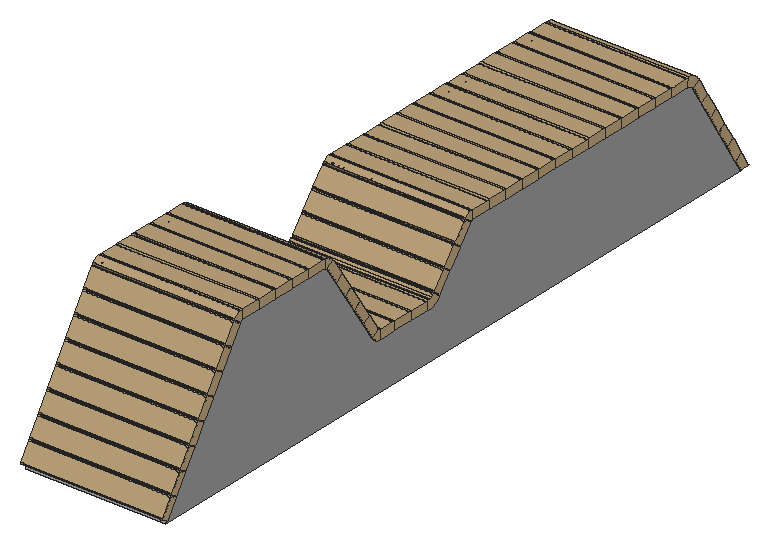
Revit family "L-FUR_벤치_YB-278_예건", category 일반 모델, Revit 2019
Family settings
  보강 철근 호스트 가능 = 아니오
  원형 커넥터 치수 = 지름 사용
  부품 유형 = 보통
  작업 기준면 기반 = 아니오
  항상 수직 = 예
  로드될 때 보이드를 사용하여 절단 = 아니오
  공유 = 아니오
  룸 계산 점 = 아니오
Reference planes
  plane 1 "중심(앞/뒤)": y = 0
  plane 2: z = 0
  plane 3 "중심(왼쪽/오른쪽)": x = 0
Dimensions and locks
  aligned and locked: level to plane 2
Nested families
  nested 1: "278.2" at (-240, -40, 0), type "278.2"
Definition of nested family "278.2"
  Reference planes
    plane 1 "중심(앞/뒤)": y = 0
    plane 2: z = 0
    plane 3 "중심(왼쪽/오른쪽)": x = 0
  Forms (mm)
    Extrusion 1, solid
      sketch origin (0, 0, 0) x (0, 1, 0) y (0, 0, 1)
        loop
          line (1223.883, 170) -> (1003.116, 170)
          arc (1003.116, 170) -> (984.037, 174.843) -> (969.579, 188.2) r 40
          line (969.579, 188.2) -> (772.824, 490.9)
          arc (772.824, 490.9) -> (765.595, 497.578) -> (756.055, 500) r 20
          line (756.055, 500) -> (400.324, 500)
          arc (400.324, 500) -> (390.784, 497.578) -> (383.555, 490.9) r 20
          line (383.555, 490.9) -> (64.47, 0) -> (2593.704, 0) -> (2377.53, 360.29)
          arc (2377.53, 360.29) -> (2370.234, 367.404) -> (2360.38, 370) r 20
          line (2360.38, 370) -> (1412.721, 370)
          arc (1412.721, 370) -> (1404.057, 368.026) -> (1397.104, 362.494) r 20
          line (1397.104, 362.494) -> (1255.118, 185.012)
          arc (1255.118, 185.012) -> (1241.211, 173.948) -> (1223.883, 170) r 40
      from 5 to 495
    Extrusion 2, solid
      sketch origin (0, 0, 0) x (0, 1, 0) y (0, 0, 1)
        loop
          arc (105.475, 63.085) -> (105.895, 65.342) -> (104.595, 67.235) r 3
          line (104.595, 67.235) -> (84.472, 80.315)
          arc (84.472, 80.315) -> (82.215, 80.734) -> (80.322, 79.434) r 3
          line (80.322, 79.434) -> (45.443, 25.774)
          arc (45.443, 25.774) -> (45.023, 23.517) -> (46.323, 21.624) r 3
          line (46.323, 21.624) -> (66.446, 8.544)
          arc (66.446, 8.544) -> (68.703, 8.125) -> (70.596, 9.424) r 3
          line (70.596, 9.424) -> (105.475, 63.085)
        loop
          arc (145.259, 124.291) -> (145.679, 126.549) -> (144.379, 128.441) r 3
          line (144.379, 128.441) -> (124.256, 141.521)
          arc (124.256, 141.521) -> (121.999, 141.941) -> (120.106, 140.641) r 3
          line (120.106, 140.641) -> (85.227, 86.98)
          arc (85.227, 86.98) -> (84.808, 84.723) -> (86.107, 82.83) r 3
          line (86.107, 82.83) -> (106.23, 69.75)
          arc (106.23, 69.75) -> (108.487, 69.331) -> (110.38, 70.631) r 3
          line (110.38, 70.631) -> (145.259, 124.291)
        loop
          arc (185.044, 185.498) -> (185.463, 187.755) -> (184.163, 189.648) r 3
          line (184.163, 189.648) -> (164.041, 202.728)
          arc (164.041, 202.728) -> (161.783, 203.147) -> (159.89, 201.847) r 3
          line (159.89, 201.847) -> (125.011, 148.187)
          arc (125.011, 148.187) -> (124.592, 145.929) -> (125.891, 144.036) r 3
          line (125.891, 144.036) -> (146.014, 130.957)
          arc (146.014, 130.957) -> (148.272, 130.537) -> (150.164, 131.837) r 3
          line (150.164, 131.837) -> (185.044, 185.498)
        loop
          arc (224.828, 246.704) -> (225.247, 248.961) -> (223.947, 250.854) r 3
          line (223.947, 250.854) -> (203.825, 263.934)
          arc (203.825, 263.934) -> (201.567, 264.353) -> (199.674, 263.054) r 3
          line (199.674, 263.054) -> (164.795, 209.393)
          arc (164.795, 209.393) -> (164.376, 207.136) -> (165.676, 205.243) r 3
          line (165.676, 205.243) -> (185.798, 192.163)
          arc (185.798, 192.163) -> (188.056, 191.744) -> (189.948, 193.044) r 3
          line (189.948, 193.044) -> (224.828, 246.704)
        loop
          arc (264.612, 307.91) -> (265.031, 310.168) -> (263.732, 312.061) r 3
          line (263.732, 312.061) -> (243.609, 325.14)
          arc (243.609, 325.14) -> (241.351, 325.56) -> (239.459, 324.26) r 3
          line (239.459, 324.26) -> (204.579, 270.6)
          arc (204.579, 270.6) -> (204.16, 268.342) -> (205.46, 266.449) r 3
          line (205.46, 266.449) -> (225.582, 253.37)
          arc (225.582, 253.37) -> (227.84, 252.95) -> (229.733, 254.25) r 3
          line (229.733, 254.25) -> (264.612, 307.91)
        loop
          arc (304.396, 369.117) -> (304.815, 371.374) -> (303.516, 373.267) r 3
          line (303.516, 373.267) -> (283.393, 386.347)
          arc (283.393, 386.347) -> (281.136, 386.766) -> (279.243, 385.466) r 3
          line (279.243, 385.466) -> (244.363, 331.806)
          arc (244.363, 331.806) -> (243.944, 329.548) -> (245.244, 327.656) r 3
          line (245.244, 327.656) -> (265.367, 314.576)
          arc (265.367, 314.576) -> (267.624, 314.157) -> (269.517, 315.456) r 3
          line (269.517, 315.456) -> (304.396, 369.117)
        loop
          arc (344.18, 430.323) -> (344.6, 432.581) -> (343.3, 434.473) r 3
          line (343.3, 434.473) -> (323.177, 447.553)
          arc (323.177, 447.553) -> (320.92, 447.972) -> (319.027, 446.673) r 3
          line (319.027, 446.673) -> (284.148, 393.012)
          arc (284.148, 393.012) -> (283.728, 390.755) -> (285.028, 388.862) r 3
          line (285.028, 388.862) -> (305.151, 375.782)
          arc (305.151, 375.782) -> (307.408, 375.363) -> (309.301, 376.663) r 3
          line (309.301, 376.663) -> (344.18, 430.323)
        loop
          line (349.085, 437.869) -> (383.964, 491.529)
          arc (383.964, 491.529) -> (384.384, 493.787) -> (383.084, 495.68) r 3
          line (383.084, 495.68) -> (362.961, 508.759)
          arc (362.961, 508.759) -> (360.704, 509.179) -> (358.811, 507.879) r 3
          line (358.811, 507.879) -> (323.932, 454.219)
          arc (323.932, 454.219) -> (323.512, 451.961) -> (324.812, 450.068) r 3
          line (324.812, 450.068) -> (344.935, 436.989)
          arc (344.935, 436.989) -> (347.192, 436.569) -> (349.085, 437.869) r 3
        loop
          arc (392.027, 498.204) -> (393.435, 499.305) -> (393.968, 501.011) r 3
          line (393.968, 501.011) -> (393.968, 526.059)
          arc (393.968, 526.059) -> (392.866, 528.382) -> (390.37, 528.999) r 3
          arc (390.37, 528.999) -> (376.668, 524.05) -> (364.974, 515.361) r 50
          arc (364.974, 515.361) -> (364.112, 512.927) -> (365.46, 510.724) r 3
          line (365.46, 510.724) -> (386.546, 497.018)
          arc (386.546, 497.018) -> (388.151, 496.534) -> (389.765, 496.986) r 3
          arc (389.765, 496.986) -> (390.877, 497.63) -> (392.027, 498.204) r 20.725
        loop
          arc (463.968, 500) -> (466.089, 500.879) -> (466.968, 503) r 3
          line (466.968, 503) -> (466.968, 527)
          arc (466.968, 527) -> (466.089, 529.121) -> (463.968, 530) r 3
          line (463.968, 530) -> (399.968, 530)
          arc (399.968, 530) -> (397.846, 529.121) -> (396.968, 527) r 3
          line (396.968, 527) -> (396.968, 503)
          arc (396.968, 503) -> (397.846, 500.879) -> (399.968, 500) r 3
          line (399.968, 500) -> (463.968, 500)
        loop
          line (473.079, 500) -> (537.079, 500)
          arc (537.079, 500) -> (539.2, 500.879) -> (540.079, 503) r 3
          line (540.079, 503) -> (540.079, 527)
          arc (540.079, 527) -> (539.2, 529.121) -> (537.079, 530) r 3
          line (537.079, 530) -> (473.079, 530)
          arc (473.079, 530) -> (470.957, 529.121) -> (470.079, 527) r 3
          line (470.079, 527) -> (470.079, 503)
          arc (470.079, 503) -> (470.957, 500.879) -> (473.079, 500) r 3
        loop
          line (546.19, 500) -> (610.19, 500)
          arc (610.19, 500) -> (612.311, 500.879) -> (613.19, 503) r 3
          line (613.19, 503) -> (613.19, 527)
          arc (613.19, 527) -> (612.311, 529.121) -> (610.19, 530) r 3
          line (610.19, 530) -> (546.19, 530)
          arc (546.19, 530) -> (544.068, 529.121) -> (543.19, 527) r 3
          line (543.19, 527) -> (543.19, 503)
          arc (543.19, 503) -> (544.068, 500.879) -> (546.19, 500) r 3
        loop
          arc (683.301, 500) -> (685.422, 500.879) -> (686.301, 503) r 3
          line (686.301, 503) -> (686.301, 527)
          arc (686.301, 527) -> (685.422, 529.121) -> (683.301, 530) r 3
          line (683.301, 530) -> (619.301, 530)
          arc (619.301, 530) -> (617.179, 529.121) -> (616.301, 527) r 3
          line (616.301, 527) -> (616.301, 503)
          arc (616.301, 503) -> (617.179, 500.879) -> (619.301, 500) r 3
          line (619.301, 500) -> (683.301, 500)
        loop
          line (692.412, 500) -> (756.412, 500)
          arc (756.412, 500) -> (758.533, 500.879) -> (759.412, 503) r 3
          line (759.412, 503) -> (759.412, 527)
          arc (759.412, 527) -> (758.533, 529.121) -> (756.412, 530) r 3
          line (756.412, 530) -> (692.412, 530)
          arc (692.412, 530) -> (690.29, 529.121) -> (689.412, 527) r 3
          line (689.412, 527) -> (689.412, 503)
          arc (689.412, 503) -> (690.29, 500.879) -> (692.412, 500) r 3
        loop
          arc (764.191, 498.27) -> (765.357, 497.703) -> (766.487, 497.069) r 22.223
          arc (766.487, 497.069) -> (768.152, 496.534) -> (769.833, 497.018) r 3
          line (769.833, 497.018) -> (790.919, 510.724)
          arc (790.919, 510.724) -> (792.268, 512.927) -> (791.405, 515.361) r 3
          arc (791.405, 515.361) -> (779.711, 524.05) -> (766.009, 528.999) r 50
          arc (766.009, 528.999) -> (763.513, 528.382) -> (762.412, 526.059) r 3
          line (762.412, 526.059) -> (762.412, 501.011)
          arc (762.412, 501.011) -> (762.896, 499.377) -> (764.191, 498.27) r 3
        loop
          arc (807.294, 437.869) -> (809.187, 436.569) -> (811.444, 436.989) r 3
          line (811.444, 436.989) -> (831.567, 450.068)
          arc (831.567, 450.068) -> (832.867, 451.961) -> (832.447, 454.219) r 3
          line (832.447, 454.219) -> (797.568, 507.879)
          arc (797.568, 507.879) -> (795.675, 509.179) -> (793.418, 508.759) r 3
          line (793.418, 508.759) -> (773.295, 495.68)
          arc (773.295, 495.68) -> (771.996, 493.787) -> (772.415, 491.529) r 3
          line (772.415, 491.529) -> (807.294, 437.869)
        loop
          line (812.199, 430.323) -> (847.078, 376.663)
          arc (847.078, 376.663) -> (848.971, 375.363) -> (851.229, 375.782) r 3
          line (851.229, 375.782) -> (871.351, 388.862)
          arc (871.351, 388.862) -> (872.651, 390.755) -> (872.232, 393.012) r 3
          line (872.232, 393.012) -> (837.352, 446.673)
          arc (837.352, 446.673) -> (835.46, 447.972) -> (833.202, 447.553) r 3
          line (833.202, 447.553) -> (813.079, 434.473)
          arc (813.079, 434.473) -> (811.78, 432.581) -> (812.199, 430.323) r 3
        loop
          line (851.983, 369.117) -> (886.862, 315.456)
          arc (886.862, 315.456) -> (888.755, 314.157) -> (891.013, 314.576) r 3
          line (891.013, 314.576) -> (911.135, 327.656)
          arc (911.135, 327.656) -> (912.435, 329.548) -> (912.016, 331.806) r 3
          line (912.016, 331.806) -> (877.137, 385.466)
          arc (877.137, 385.466) -> (875.244, 386.766) -> (872.986, 386.347) r 3
          line (872.986, 386.347) -> (852.864, 373.267)
          arc (852.864, 373.267) -> (851.564, 371.374) -> (851.983, 369.117) r 3
        loop
          line (891.767, 307.91) -> (926.647, 254.25)
          arc (926.647, 254.25) -> (928.539, 252.95) -> (930.797, 253.37) r 3
          line (930.797, 253.37) -> (950.92, 266.449)
          arc (950.92, 266.449) -> (952.219, 268.342) -> (951.8, 270.6) r 3
          line (951.8, 270.6) -> (916.921, 324.26)
          arc (916.921, 324.26) -> (915.028, 325.56) -> (912.77, 325.14) r 3
          line (912.77, 325.14) -> (892.648, 312.061)
          arc (892.648, 312.061) -> (891.348, 310.168) -> (891.767, 307.91) r 3
        loop
          line (931.552, 246.704) -> (966.431, 193.044)
          arc (966.431, 193.044) -> (968.324, 191.744) -> (970.581, 192.163) r 3
          line (970.581, 192.163) -> (990.704, 205.243)
          arc (990.704, 205.243) -> (992.003, 207.136) -> (991.584, 209.393) r 3
          line (991.584, 209.393) -> (956.705, 263.054)
          arc (956.705, 263.054) -> (954.812, 264.353) -> (952.555, 263.934) r 3
          line (952.555, 263.934) -> (932.432, 250.854)
          arc (932.432, 250.854) -> (931.132, 248.961) -> (931.552, 246.704) r 3
        loop
          arc (971.606, 185.361) -> (984.037, 174.843) -> (999.631, 170.152) r 40
          arc (999.631, 170.152) -> (1001.92, 170.929) -> (1002.893, 173.141) r 3
          line (1002.893, 173.141) -> (1002.893, 197.406)
          arc (1002.893, 197.406) -> (1002.263, 199.246) -> (1000.637, 200.312) r 3
          arc (1000.637, 200.312) -> (998.347, 201.211) -> (996.345, 202.641) r 10
          arc (996.345, 202.641) -> (994.565, 203.423) -> (992.679, 202.949) r 3
          line (992.679, 202.949) -> (972.334, 189.724)
          arc (972.334, 189.724) -> (971.01, 187.703) -> (971.606, 185.361) r 3
        loop
          line (1008.893, 170) -> (1060.425, 170)
          arc (1060.425, 170) -> (1062.547, 170.879) -> (1063.425, 173) r 3
          line (1063.425, 173) -> (1063.425, 197)
          arc (1063.425, 197) -> (1062.547, 199.121) -> (1060.425, 200) r 3
          line (1060.425, 200) -> (1008.893, 200)
          arc (1008.893, 200) -> (1006.771, 199.121) -> (1005.893, 197) r 3
          line (1005.893, 197) -> (1005.893, 173)
          arc (1005.893, 173) -> (1006.771, 170.879) -> (1008.893, 170) r 3
        loop
          line (1069.425, 170) -> (1133.425, 170)
          arc (1133.425, 170) -> (1135.547, 170.879) -> (1136.425, 173) r 3
          line (1136.425, 173) -> (1136.425, 197)
          arc (1136.425, 197) -> (1135.547, 199.121) -> (1133.425, 200) r 3
          line (1133.425, 200) -> (1069.425, 200)
          arc (1069.425, 200) -> (1067.304, 199.121) -> (1066.425, 197) r 3
          line (1066.425, 197) -> (1066.425, 173)
          arc (1066.425, 173) -> (1067.304, 170.879) -> (1069.425, 170) r 3
        loop
          line (1142.425, 170) -> (1206.425, 170)
          arc (1206.425, 170) -> (1208.547, 170.879) -> (1209.425, 173) r 3
          line (1209.425, 173) -> (1209.425, 197)
          arc (1209.425, 197) -> (1208.547, 199.121) -> (1206.425, 200) r 3
          line (1206.425, 200) -> (1142.425, 200)
          arc (1142.425, 200) -> (1140.304, 199.121) -> (1139.425, 197) r 3
          line (1139.425, 197) -> (1139.425, 173)
          arc (1139.425, 173) -> (1140.304, 170.879) -> (1142.425, 170) r 3
        loop
          arc (1260.402, 191.617) -> (1261.041, 193.822) -> (1259.933, 195.833) r 3
          line (1259.933, 195.833) -> (1241.192, 210.826)
          arc (1241.192, 210.826) -> (1238.987, 211.465) -> (1236.976, 210.358) r 3
          line (1236.976, 210.358) -> (1231.692, 203.753)
          arc (1231.692, 203.753) -> (1228.215, 200.987) -> (1223.883, 200) r 10
          line (1223.883, 200) -> (1215.425, 200)
          arc (1215.425, 200) -> (1213.304, 199.121) -> (1212.425, 197) r 3
          line (1212.425, 197) -> (1212.425, 173)
          arc (1212.425, 173) -> (1213.304, 170.879) -> (1215.425, 170) r 3
          line (1215.425, 170) -> (1223.883, 170)
          arc (1223.883, 170) -> (1241.211, 173.948) -> (1255.118, 185.012) r 40
          line (1255.118, 185.012) -> (1260.402, 191.617)
        loop
          arc (1306.004, 248.62) -> (1306.644, 250.826) -> (1305.536, 252.837) r 3
          line (1305.536, 252.837) -> (1286.795, 267.83)
          arc (1286.795, 267.83) -> (1284.59, 268.469) -> (1282.578, 267.361) r 3
          line (1282.578, 267.361) -> (1242.598, 217.385)
          arc (1242.598, 217.385) -> (1241.959, 215.18) -> (1243.066, 213.169) r 3
          line (1243.066, 213.169) -> (1261.807, 198.176)
          arc (1261.807, 198.176) -> (1264.013, 197.537) -> (1266.024, 198.645) r 3
          line (1266.024, 198.645) -> (1306.004, 248.62)
        loop
          arc (1351.607, 305.624) -> (1352.246, 307.829) -> (1351.139, 309.84) r 3
          line (1351.139, 309.84) -> (1332.398, 324.833)
          arc (1332.398, 324.833) -> (1330.192, 325.472) -> (1328.181, 324.364) r 3
          line (1328.181, 324.364) -> (1288.201, 274.389)
          arc (1288.201, 274.389) -> (1287.562, 272.183) -> (1288.669, 270.172) r 3
          line (1288.669, 270.172) -> (1307.41, 255.179)
          arc (1307.41, 255.179) -> (1309.615, 254.54) -> (1311.627, 255.648) r 3
          line (1311.627, 255.648) -> (1351.607, 305.624)
        loop
          arc (1403.38, 367.685) -> (1404.057, 368.026) -> (1404.747, 368.342) r 20
          arc (1404.747, 368.342) -> (1406.059, 369.448) -> (1406.55, 371.093) r 3
          line (1406.55, 371.093) -> (1406.55, 396.097)
          arc (1406.55, 396.097) -> (1405.454, 398.416) -> (1402.965, 399.039) r 3
          arc (1402.965, 399.039) -> (1391.061, 395.065) -> (1380.522, 388.252) r 50
          arc (1380.522, 388.252) -> (1379.454, 385.92) -> (1380.58, 383.615) r 3
          line (1380.58, 383.615) -> (1400.105, 367.995)
          arc (1400.105, 367.995) -> (1401.696, 367.351) -> (1403.38, 367.685) r 3
        loop
          arc (1412.55, 400) -> (1410.429, 399.121) -> (1409.55, 397) r 3
          line (1409.55, 397) -> (1409.55, 373)
          arc (1409.55, 373) -> (1410.429, 370.879) -> (1412.55, 370) r 3
          line (1412.55, 370) -> (1476.55, 370)
          arc (1476.55, 370) -> (1478.672, 370.879) -> (1479.55, 373) r 3
          line (1479.55, 373) -> (1479.55, 397)
          arc (1479.55, 397) -> (1478.672, 399.121) -> (1476.55, 400) r 3
          line (1476.55, 400) -> (1412.55, 400)
        loop
          line (1485.55, 370) -> (1549.55, 370)
          arc (1549.55, 370) -> (1551.672, 370.879) -> (1552.55, 373) r 3
          line (1552.55, 373) -> (1552.55, 397)
          arc (1552.55, 397) -> (1551.672, 399.121) -> (1549.55, 400) r 3
          line (1549.55, 400) -> (1485.55, 400)
          arc (1485.55, 400) -> (1483.429, 399.121) -> (1482.55, 397) r 3
          line (1482.55, 397) -> (1482.55, 373)
          arc (1482.55, 373) -> (1483.429, 370.879) -> (1485.55, 370) r 3
        loop
          line (1558.55, 370) -> (1622.55, 370)
          arc (1622.55, 370) -> (1624.672, 370.879) -> (1625.55, 373) r 3
          line (1625.55, 373) -> (1625.55, 397)
          arc (1625.55, 397) -> (1624.672, 399.121) -> (1622.55, 400) r 3
          line (1622.55, 400) -> (1558.55, 400)
          arc (1558.55, 400) -> (1556.429, 399.121) -> (1555.55, 397) r 3
          line (1555.55, 397) -> (1555.55, 373)
          arc (1555.55, 373) -> (1556.429, 370.879) -> (1558.55, 370) r 3
        loop
          line (1631.55, 370) -> (1695.55, 370)
          arc (1695.55, 370) -> (1697.672, 370.879) -> (1698.55, 373) r 3
          line (1698.55, 373) -> (1698.55, 397)
          arc (1698.55, 397) -> (1697.672, 399.121) -> (1695.55, 400) r 3
          line (1695.55, 400) -> (1631.55, 400)
          arc (1631.55, 400) -> (1629.429, 399.121) -> (1628.55, 397) r 3
          line (1628.55, 397) -> (1628.55, 373)
          arc (1628.55, 373) -> (1629.429, 370.879) -> (1631.55, 370) r 3
        loop
          line (1704.55, 370) -> (1768.55, 370)
          arc (1768.55, 370) -> (1770.672, 370.879) -> (1771.55, 373) r 3
          line (1771.55, 373) -> (1771.55, 397)
          arc (1771.55, 397) -> (1770.672, 399.121) -> (1768.55, 400) r 3
          line (1768.55, 400) -> (1704.55, 400)
          arc (1704.55, 400) -> (1702.429, 399.121) -> (1701.55, 397) r 3
          line (1701.55, 397) -> (1701.55, 373)
          arc (1701.55, 373) -> (1702.429, 370.879) -> (1704.55, 370) r 3
        loop
          line (1777.55, 370) -> (1841.55, 370)
          arc (1841.55, 370) -> (1843.672, 370.879) -> (1844.55, 373) r 3
          line (1844.55, 373) -> (1844.55, 397)
          arc (1844.55, 397) -> (1843.672, 399.121) -> (1841.55, 400) r 3
          line (1841.55, 400) -> (1777.55, 400)
          arc (1777.55, 400) -> (1775.429, 399.121) -> (1774.55, 397) r 3
          line (1774.55, 397) -> (1774.55, 373)
          arc (1774.55, 373) -> (1775.429, 370.879) -> (1777.55, 370) r 3
        loop
          line (1850.55, 370) -> (1914.55, 370)
          arc (1914.55, 370) -> (1916.672, 370.879) -> (1917.55, 373) r 3
          line (1917.55, 373) -> (1917.55, 397)
          arc (1917.55, 397) -> (1916.672, 399.121) -> (1914.55, 400) r 3
          line (1914.55, 400) -> (1850.55, 400)
          arc (1850.55, 400) -> (1848.429, 399.121) -> (1847.55, 397) r 3
          line (1847.55, 397) -> (1847.55, 373)
          arc (1847.55, 373) -> (1848.429, 370.879) -> (1850.55, 370) r 3
        loop
          line (1923.55, 370) -> (1987.55, 370)
          arc (1987.55, 370) -> (1989.672, 370.879) -> (1990.55, 373) r 3
          line (1990.55, 373) -> (1990.55, 397)
          arc (1990.55, 397) -> (1989.672, 399.121) -> (1987.55, 400) r 3
          line (1987.55, 400) -> (1923.55, 400)
          arc (1923.55, 400) -> (1921.429, 399.121) -> (1920.55, 397) r 3
          line (1920.55, 397) -> (1920.55, 373)
          arc (1920.55, 373) -> (1921.429, 370.879) -> (1923.55, 370) r 3
        loop
          line (1996.55, 370) -> (2060.55, 370)
          arc (2060.55, 370) -> (2062.672, 370.879) -> (2063.55, 373) r 3
          line (2063.55, 373) -> (2063.55, 397)
          arc (2063.55, 397) -> (2062.672, 399.121) -> (2060.55, 400) r 3
          line (2060.55, 400) -> (1996.55, 400)
          arc (1996.55, 400) -> (1994.429, 399.121) -> (1993.55, 397) r 3
          line (1993.55, 397) -> (1993.55, 373)
          arc (1993.55, 373) -> (1994.429, 370.879) -> (1996.55, 370) r 3
        loop
          line (2069.55, 370) -> (2133.55, 370)
          arc (2133.55, 370) -> (2135.672, 370.879) -> (2136.55, 373) r 3
          line (2136.55, 373) -> (2136.55, 397)
          arc (2136.55, 397) -> (2135.672, 399.121) -> (2133.55, 400) r 3
          line (2133.55, 400) -> (2069.55, 400)
          arc (2069.55, 400) -> (2067.429, 399.121) -> (2066.55, 397) r 3
          line (2066.55, 397) -> (2066.55, 373)
          arc (2066.55, 373) -> (2067.429, 370.879) -> (2069.55, 370) r 3
        loop
          line (2142.55, 370) -> (2206.55, 370)
          arc (2206.55, 370) -> (2208.672, 370.879) -> (2209.55, 373) r 3
          line (2209.55, 373) -> (2209.55, 397)
          arc (2209.55, 397) -> (2208.672, 399.121) -> (2206.55, 400) r 3
          line (2206.55, 400) -> (2142.55, 400)
          arc (2142.55, 400) -> (2140.429, 399.121) -> (2139.55, 397) r 3
          line (2139.55, 397) -> (2139.55, 373)
          arc (2139.55, 373) -> (2140.429, 370.879) -> (2142.55, 370) r 3
        loop
          line (2215.55, 370) -> (2279.55, 370)
          arc (2279.55, 370) -> (2281.672, 370.879) -> (2282.55, 373) r 3
          line (2282.55, 373) -> (2282.55, 397)
          arc (2282.55, 397) -> (2281.672, 399.121) -> (2279.55, 400) r 3
          line (2279.55, 400) -> (2215.55, 400)
          arc (2215.55, 400) -> (2213.429, 399.121) -> (2212.55, 397) r 3
          line (2212.55, 397) -> (2212.55, 373)
          arc (2212.55, 373) -> (2213.429, 370.879) -> (2215.55, 370) r 3
        loop
          line (2288.55, 370) -> (2352.55, 370)
          arc (2352.55, 370) -> (2354.672, 370.879) -> (2355.55, 373) r 3
          line (2355.55, 373) -> (2355.55, 397)
          arc (2355.55, 397) -> (2354.672, 399.121) -> (2352.55, 400) r 3
          line (2352.55, 400) -> (2288.55, 400)
          arc (2288.55, 400) -> (2286.429, 399.121) -> (2285.55, 397) r 3
          line (2285.55, 397) -> (2285.55, 373)
          arc (2285.55, 373) -> (2286.429, 370.879) -> (2288.55, 370) r 3
        loop
          arc (2361.398, 369.974) -> (2370.234, 367.404) -> (2376.984, 361.149) r 20
          arc (2376.984, 361.149) -> (2378.821, 359.894) -> (2381.018, 360.249) r 3
          line (2381.018, 360.249) -> (2401.611, 372.605)
          arc (2401.611, 372.605) -> (2402.987, 374.486) -> (2402.601, 376.784) r 3
          arc (2402.601, 376.784) -> (2385.015, 393.51) -> (2361.625, 399.984) r 50
          arc (2361.625, 399.984) -> (2359.456, 399.133) -> (2358.55, 396.985) r 3
          line (2358.55, 396.985) -> (2358.55, 372.97)
          arc (2358.55, 372.97) -> (2359.376, 370.904) -> (2361.398, 369.974) r 3
        loop
          line (2381.558, 353.576) -> (2414.486, 298.696)
          arc (2414.486, 298.696) -> (2416.331, 297.33) -> (2418.602, 297.667) r 3
          line (2418.602, 297.667) -> (2439.182, 310.015)
          arc (2439.182, 310.015) -> (2440.549, 311.86) -> (2440.211, 314.131) r 3
          line (2440.211, 314.131) -> (2407.283, 369.011)
          arc (2407.283, 369.011) -> (2405.438, 370.378) -> (2403.167, 370.04) r 3
          line (2403.167, 370.04) -> (2382.587, 357.692)
          arc (2382.587, 357.692) -> (2381.22, 355.847) -> (2381.558, 353.576) r 3
        loop
          line (2419.116, 290.979) -> (2452.044, 236.1)
          arc (2452.044, 236.1) -> (2453.889, 234.733) -> (2456.16, 235.071) r 3
          line (2456.16, 235.071) -> (2476.74, 247.418)
          arc (2476.74, 247.418) -> (2478.107, 249.263) -> (2477.769, 251.534) r 3
          line (2477.769, 251.534) -> (2444.841, 306.414)
          arc (2444.841, 306.414) -> (2442.996, 307.781) -> (2440.725, 307.443) r 3
          line (2440.725, 307.443) -> (2420.145, 295.095)
          arc (2420.145, 295.095) -> (2418.779, 293.25) -> (2419.116, 290.979) r 3
        loop
          line (2456.675, 228.382) -> (2489.602, 173.503)
          arc (2489.602, 173.503) -> (2491.447, 172.136) -> (2493.718, 172.474) r 3
          line (2493.718, 172.474) -> (2514.298, 184.821)
          arc (2514.298, 184.821) -> (2515.665, 186.666) -> (2515.327, 188.937) r 3
          line (2515.327, 188.937) -> (2482.399, 243.817)
          arc (2482.399, 243.817) -> (2480.555, 245.184) -> (2478.284, 244.846) r 3
          line (2478.284, 244.846) -> (2457.704, 232.498)
          arc (2457.704, 232.498) -> (2456.337, 230.653) -> (2456.675, 228.382) r 3
        loop
          line (2494.233, 165.785) -> (2527.161, 110.906)
          arc (2527.161, 110.906) -> (2529.005, 109.539) -> (2531.277, 109.877) r 3
          line (2531.277, 109.877) -> (2551.856, 122.224)
          arc (2551.856, 122.224) -> (2553.223, 124.069) -> (2552.885, 126.34) r 3
          line (2552.885, 126.34) -> (2519.958, 181.22)
          arc (2519.958, 181.22) -> (2518.113, 182.587) -> (2515.842, 182.249) r 3
          line (2515.842, 182.249) -> (2495.262, 169.901)
          arc (2495.262, 169.901) -> (2493.895, 168.056) -> (2494.233, 165.785) r 3
        loop
          line (2531.791, 103.188) -> (2564.719, 48.309)
          arc (2564.719, 48.309) -> (2566.564, 46.942) -> (2568.835, 47.28) r 3
          line (2568.835, 47.28) -> (2589.415, 59.627)
          arc (2589.415, 59.627) -> (2590.782, 61.472) -> (2590.444, 63.743) r 3
          line (2590.444, 63.743) -> (2557.516, 118.623)
          arc (2557.516, 118.623) -> (2555.671, 119.99) -> (2553.4, 119.652) r 3
          line (2553.4, 119.652) -> (2532.82, 107.304)
          arc (2532.82, 107.304) -> (2531.453, 105.459) -> (2531.791, 103.188) r 3
        loop
          arc (2588.239, 9.108) -> (2589.334, 8.041) -> (2590.812, 7.651) r 3
          line (2590.812, 7.651) -> (2620.567, 7.651)
          arc (2620.567, 7.651) -> (2622.307, 8.666) -> (2622.282, 10.68) r 2
          line (2622.282, 10.68) -> (2595.074, 56.026)
          arc (2595.074, 56.026) -> (2593.229, 57.393) -> (2590.958, 57.055) r 3
          line (2590.958, 57.055) -> (2570.378, 44.707)
          arc (2570.378, 44.707) -> (2569.011, 42.862) -> (2569.349, 40.591) r 3
          line (2569.349, 40.591) -> (2588.239, 9.108)
        loop
          line (1373.784, 381.368) -> (1333.803, 331.392)
          arc (1333.803, 331.392) -> (1333.164, 329.187) -> (1334.272, 327.176) r 3
          line (1334.272, 327.176) -> (1353.013, 312.183)
          arc (1353.013, 312.183) -> (1355.218, 311.544) -> (1357.229, 312.651) r 3
          line (1357.229, 312.651) -> (1397.21, 362.627)
          arc (1397.21, 362.627) -> (1397.849, 364.832) -> (1396.741, 366.844) r 3
          line (1396.741, 366.844) -> (1378.001, 381.836)
          arc (1378.001, 381.836) -> (1375.795, 382.475) -> (1373.784, 381.368) r 3
      from 0 to 500
  Dimensions and locks
    aligned and locked: level to plane 2
